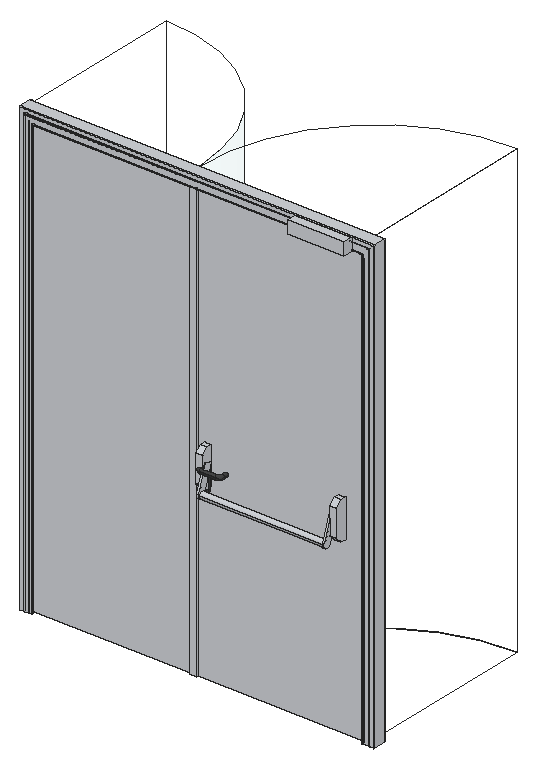
Revit family "Gamme Turia 2V EI 30-60 - Tunnel", category Portes, Revit 2022
Family settings
  Basée sur le plan de construction = Non
  Toujours verticalement = Oui
  Couper avec des vides une fois chargée = Non
  Partagée = Non
  Repère de localisation dans la pièce = Non
Parameters (values of type "Turia_2V - 1800 x 2400")
  Model = ""
  Rough Width = 0 mm
  Largeur Réservation = 1956 mm
  Width = 0 mm
  Rough Height = 0 mm
  Hauteur Réservation = 2478 mm
  Height = 0 mm
  Manufacturer = ""
  FP DC340 Bras - OP [instance] = yes
  Elévation par défaut = 0 mm
  Définir les propriétés thermiques par = Type schématique
  Côte_passage_libre_Hauteur = Hauteur Réservation - 78 mm  # 2400 mm
  Côte_passage_libre_90 = Largeur Réservation - 186 mm  # 1770 mm
  Côte_passage_libre_180 = Largeur Réservation - 146 mm  # 1810 mm
  Côte_ouverture_vantail_semi_fixe [instance] = Largeur Réservation - 1048 mm  # 908 mm
  Construction analytique = "<Aucun>"
  Béquille P1F - OP [instance] = yes
  Béquille P1F - CP [instance] = yes
  Barre Antipanique CROSS [instance] = yes
Types (8, lengths in mm): name | Model | Rough Width | Largeur Réservation | Rough Height | Hauteur Réservation | Manufacturer | Côte_passage_libre_Hauteur | Côte_passage_libre_90 | Côte_passage_libre_180 | Côte_ouverture_vantail_semi_fixe
  Turia_2V - 1800 x 2100 | "NEO" | 0 | 1956 | 0 | 2178 | "PORTEMETAL" | 2100 | 1770 | 1810 | 908
  Turia_2V - 1800 x 2400 | "" | 0 | 1956 | 0 | 2478 | "" | 2400 | 1770 | 1810 | 908
  Neo_2V - 2000*2200 | "NEO" | 2000 | 2000 | 2200 | 2200 | "PORTEMETAL" | 2122 | 1814 | 1854 | 952
  Turia_2V - 1600-2200 | "TURIA" | 1600 | 1600 | 2200 | 2200 | "PORTEMETAL" | 2122 | 1414 | 1454 | 552
  Neo_2V - 2000 x 2201 | "NEO" | 2146 | 2146 | 2178 | 2178 | "PORTEMETAL" | 2100 | 1960 | 2000 | 1098
  Turia_2V - 2146*2178 | "TURIA" | 2146 | 2146 | 2178 | 2178 | "PORTEMETAL" | 2100 | 1960 | 2000 | 1098
  Neo_2V - 2146*2178 | "PREMIUM NEO" | 2146 | 2146 | 2178 | 2178 | "PORTEMETAL" | 2100 | 1960 | 2000 | 1098
  Turia_2V - 1746*2178 | "PREMIUM TURIA" | 1746 | 1746 | 2178 | 2178 | "PORTEMETAL" | 2100 | 1560 | 1600 | 698
Reference planes
  plane 1 "Centre (avant/arrière)": y = 0
  plane 2: z = 0
  plane 3 "Centre (gauche/droite)": x = 0
  plane 4: x = -978
  plane 5: x = 978
  plane 6 "Hauteur Réservation": z = 2478
  plane 7 "Hauteur Vantail": z = 2414
  plane 8 "Niveau Bas du Vantail": z = 10
  plane 9 "Hauteur Aile de recouvrement": z = 2436
  plane 10 "Hauteur béquille": z = 1069
  plane 11 "Niveau Bas Paumelle du bas": z = 42
  plane 12 "Niveau Bas Paumelle du milieu": z = 991
  plane 13 "Niveau Bas paumelle du Haut": z = 1909
  plane 14 "Niveau haut surépaisseur EI120": z = 2394
  plane 15 "Niv haut aile de recouvrement": z = 2414
Forms (mm)
  Sweep 1, solid
    path origin (0, 0, 0) x (1, 0, 0) y (0, 0, 1)
      loop
        line (-978, 0) -> (-978, 2478) -> (978, 2478) -> (978, 0)
    profile origin (-978, 0, 1239) x (-1, 0, 0) y (0, -1, 0)
      loop
        arc (-5, 69.5) -> (-5.879, 71.621) -> (-8, 72.5) r 3
        line (-8, 72.5) -> (-30, 72.5)
        arc (-30, 72.5) -> (-32.121, 71.621) -> (-33, 69.5) r 3
        arc (-33, 69.5) -> (-33.879, 71.621) -> (-36, 72.5) r 3
        line (-36, 72.5) -> (-69.9, 72.5)
        arc (-69.9, 72.5) -> (-72.092, 71.592) -> (-73, 69.4) r 3.1
        line (-73, 69.4) -> (-73, 64.05)
        arc (-73, 64.05) -> (-71.45, 62.5) -> (-69.9, 64.05) r 1.55
        line (-69.9, 64.05) -> (-69.9, 69.4) -> (-54.5, 69.4)
        arc (-54.5, 69.4) -> (-53.439, 68.961) -> (-53, 67.9) r 1.5
        line (-53, 67.9) -> (-53, 46.622) -> (-50, 43.622) -> (-50, 22.379) -> (-53, 19.379) -> (-53, 6)
        arc (-53, 6) -> (-52.121, 3.879) -> (-50, 3) r 3
        line (-50, 3) -> (-36.74, 3) -> (-33.74, 0) -> (-8, 0)
        arc (-8, 0) -> (-5.879, 0.879) -> (-5, 3) r 3
        line (-5, 3) -> (-5, 69.5)
  Extrusion 2, solid
    sketch origin (0, 0, 0) x (1, 0, 0) y (0, 1, 0)
      loop
        line (-916, -63.106) -> (-40, -63.106) -> (-40, -72.106) -> (0, -72.106) -> (0, -66.106) -> (-21, -66.106) -> (-21, -2.506) -> (-916, -2.506) -> (-916, -63.106)
    from 10 to 2414
  Extrusion 3, solid
    sketch origin (0, 0, 0) x (1, 0, 0) y (0, 1, 0)
      loop
        line (-932.119, -2.5) -> (-21, -2.5) -> (-21, -0.106) -> (-932.119, -0.106)
        arc (-932.119, -0.106) -> (-933.316, -1.303) -> (-932.119, -2.5) r 1.197
    from 10 to 2436
  Extrusion 4, solid
    sketch origin (0, 0, 0) x (-1, 0, 0) y (0, -1, 0)
      loop
        line (-916, 63.106) -> (-916, 2.506) -> (0, 2.506) -> (0, -3.494) -> (40, -3.494) -> (40, 1.506) -> (15, 1.506) -> (15, 63.106) -> (-916, 63.106)
    from 10 to 2414
  Extrusion 5, solid
    sketch origin (0, 0, 2414) x (1, 0, 0) y (0, 1, 0)
      loop
        line (-15, -1.506) -> (-15, 0) -> (0, 0) -> (0, 3.494) -> (-40, 3.494) -> (-40, -1.506) -> (-15, -1.506)
    from 0 to 27.26
  Extrusion 6, solid, material "volume porte"
    sketch origin (0, 0, 2414) x (1, 0, 0) y (0, 1, 0)
      loop
        line (-42, -3) -> (928, -3) -> (928, 967)
        arc (928, 967) -> (242.106, 682.894) -> (-42, -3) r 970
    from -2414 to 59
  Extrusion 7, solid, material "volume porte"
    sketch origin (0, 0, 2414) x (-1, 0, 0) y (0, -1, 0)
      loop
        line (950, -905) -> (950, 3) -> (42, 3)
        arc (42, 3) -> (307.947, -639.053) -> (950, -905) r 908
    from -2414 to 59
Cuts and joins
  joined: Extrusion 4, Extrusion 5
Dimensions and locks
  "Largeur Réservation": plane 4 to plane 5
  "Hauteur Réservation": plane 6 "Hauteur Réservation" to level
  locked: plane 8 "Niveau Bas du Vantail" to level at 10
  locked: plane 6 "Hauteur Réservation" to plane 7 "Hauteur Vantail" at 64
  locked: plane 6 "Hauteur Réservation" to plane 9 "Hauteur Aile de recouvrement" at 42
  locked: plane 10 "Hauteur béquille" to level at 1069
  locked: plane 11 "Niveau Bas Paumelle du bas" to level at 42
  locked: plane 12 "Niveau Bas Paumelle du milieu" to level at 991
  locked: plane 13 "Niveau Bas paumelle du Haut" to level at 1909
  nested 3 to nested 2 = 0 mm
  locked: nested 3 to plane 4 at 23.993
  locked: nested 2 to plane 4 at 23.993
  locked: nested 1 to plane 4 at 23.993
  locked: nested 4 to plane 10 "Hauteur béquille" at 104
  locked: nested 5 to plane 6 "Hauteur Réservation" at 10
  locked: plane 14 "Niveau haut surépaisseur EI120" to plane 6 "Hauteur Réservation" at 84
  Extrusion 2 sketch curve to plane 3 "Centre (gauche/droite)" = 21 mm
  locked: Extrusion 4 to nested 6 at 65
  locked: Extrusion 4 to nested 7 at 65
  Extrusion 4 to nested 4 = 50 mm
  locked: nested 5 to Sweep 1 at 125
  locked: plane 15 "Niv haut aile de recouvrement" to plane 6 "Hauteur Réservation" at 64
  locked: nested 4 to Sweep 1 at 165.706
  locked: cut or joined group of Extrusion 4, Extrusion 5 to cut or joined group of Extrusion 4, Extrusion 5 at 60.6
  locked: plane 4 to Sweep 1 at 5
  locked: plane 4 to Extrusion 2 at 62
  locked: Sweep 1 to plane 5 at 5
  locked: cut or joined group of Extrusion 4, Extrusion 5 to plane 5 at 62
  locked: nested 3 to plane 6 "Hauteur Réservation" at 446
  locked: level to nested 1 at 165
  locked: plane 3 "Centre (gauche/droite)" to plane 5 at 978
  locked: Extrusion 6 to level
  locked: plane 6 "Hauteur Réservation" to Extrusion 6 at 5
  "Côte_ouverture_vantail_semi_fixe": Extrusion 7 sketch curve to Extrusion 7 sketch curve  (x2)
  aligned and locked: level to plane 2
  aligned and locked: plane 4 to Sweep 1 sketch curve
  aligned and locked: Sweep 1 sketch curve to plane 6 "Hauteur Réservation"
  aligned and locked: Sweep 1 sketch curve to plane 5
  aligned and locked: level to Sweep 1 sketch curve  (x2)
  aligned and locked: Extrusion 2 to plane 8 "Niveau Bas du Vantail"
  aligned and locked: plane 7 "Hauteur Vantail" to Extrusion 2
  aligned and locked: Extrusion 3 to plane 8 "Niveau Bas du Vantail"
  aligned and locked: plane 9 "Hauteur Aile de recouvrement" to Extrusion 3
  aligned and locked: nested 1 to Extrusion 2
  aligned and locked: Sweep 1 to nested 1
  aligned and locked: nested 1 to plane 11 "Niveau Bas Paumelle du bas"
  aligned and locked: nested 2 to plane 12 "Niveau Bas Paumelle du milieu"
  aligned and locked: nested 3 to plane 13 "Niveau Bas paumelle du Haut"
  aligned and locked: Sweep 1 to Extrusion 5
  aligned and locked: plane 7 "Hauteur Vantail" to cut or joined group of Extrusion 4, Extrusion 5
Automatic sketch dimensions
  plane 1 "Centre (avant/arrière)" to Sweep 1 sketch curve = 0 mm
  profile plane to Sweep 1 sketch curve = 73 mm
  Sweep 1 sketch curve to Sweep 1 sketch curve = 1.55 mm
  Sweep 1 sketch curve to Sweep 1 sketch curve = 0 mm  (x2)
  Sweep 1 sketch curve to Sweep 1 sketch curve = 15.4 mm
  plane 1 "Centre (avant/arrière)" to Sweep 1 sketch curve = 19.379 mm
  Sweep 1 sketch curve to Sweep 1 sketch curve = 16.9 mm
  Sweep 1 sketch curve to Sweep 1 sketch curve = 1.5 mm
  Sweep 1 sketch curve to Sweep 1 sketch curve = 3 mm  (x8)
  plane 1 "Centre (avant/arrière)" to Sweep 1 sketch curve = 3 mm  (x2)
  Sweep 1 sketch curve to Sweep 1 sketch curve = 13.26 mm
  Sweep 1 sketch curve to Sweep 1 sketch curve = 17 mm
  Sweep 1 sketch curve to Sweep 1 sketch curve = 6 mm
  profile plane to Sweep 1 sketch curve = 8 mm
  Sweep 1 sketch curve to Sweep 1 sketch curve = 21.243 mm
  Sweep 1 sketch curve to Sweep 1 sketch curve = 17.428 mm
  Sweep 1 sketch curve to Sweep 1 sketch curve = 3.85 mm
  Extrusion 2 sketch curve to plane 3 "Centre (gauche/droite)" = 0 mm
  Extrusion 2 sketch curve to Extrusion 2 sketch curve = 19 mm
  plane 4 to Extrusion 2 sketch curve = 62 mm
  plane 1 "Centre (avant/arrière)" to Extrusion 2 sketch curve = 72.106 mm
  Extrusion 2 sketch curve to Extrusion 2 sketch curve = 6 mm
  Extrusion 2 sketch curve to Extrusion 2 sketch curve = 9 mm
  plane 1 "Centre (avant/arrière)" to Extrusion 2 sketch curve = 2.506 mm
  plane 1 "Centre (avant/arrière)" to Extrusion 3 sketch curve = 0.106 mm
  plane 4 to Extrusion 3 sketch curve = 45.881 mm
  plane 1 "Centre (avant/arrière)" to Extrusion 3 sketch curve = 2.5 mm
  Extrusion 3 sketch curve to plane 3 "Centre (gauche/droite)" = 21 mm
  Extrusion 4 sketch curve to plane 3 "Centre (gauche/droite)" = 0 mm
  plane 5 to Extrusion 4 sketch curve = 62 mm
  plane 3 "Centre (gauche/droite)" to Extrusion 4 sketch curve = 15 mm
  Extrusion 4 sketch curve to plane 1 "Centre (avant/arrière)" = 1.506 mm
  Extrusion 4 sketch curve to Extrusion 4 sketch curve = 25 mm
  Extrusion 4 sketch curve to plane 1 "Centre (avant/arrière)" = 2.506 mm
  Extrusion 4 sketch curve to Extrusion 4 sketch curve = 60.6 mm
  plane 1 "Centre (avant/arrière)" to Extrusion 4 sketch curve = 3.494 mm
  plane 1 "Centre (avant/arrière)" to Extrusion 5 sketch curve = 0 mm
  Extrusion 5 sketch curve to plane 3 "Centre (gauche/droite)" = 0 mm
  Extrusion 5 sketch curve to Extrusion 5 sketch curve = 15 mm
  Extrusion 5 sketch curve to plane 1 "Centre (avant/arrière)" = 3.494 mm
  Extrusion 5 sketch curve to Extrusion 5 sketch curve = 25 mm
  plane 1 "Centre (avant/arrière)" to Extrusion 5 sketch curve = 1.506 mm
  plane 1 "Centre (avant/arrière)" to Extrusion 6 sketch curve = 3 mm
  Extrusion 6 sketch curve to plane 3 "Centre (gauche/droite)" = 42 mm
  Extrusion 6 sketch curve to plane 5 = 50 mm
  plane 1 "Centre (avant/arrière)" to Extrusion 7 sketch curve = 3 mm
  Extrusion 7 sketch curve to plane 3 "Centre (gauche/droite)" = 42 mm
Nested families
  nested 1: "Axe Paumelle Turia" at (-954.007, 12, 42), type "Axe Paumelle Turia"
  nested 2: "Axe Paumelle Turia" at (-954.007, 12, 991), type "Axe Paumelle Turia"
  nested 3: "Axe Paumelle Turia" at (-954.007, 12, 1909), type "Axe Paumelle Turia"
  nested 4: "Barre antipanique CROSS-bis" at (53, -63.106, 965), visible <- "Barre Antipanique CROSS", type "Barre antipanique CROSS-bis"
    with Longueur Tube/Barre 800 mm, Longeur tube 680 mm, Lg entre manoeuvre 680 mm, Lg Tube 680 mm
  nested 5: "Ferme-porte DC340 - Montage Opposé Paumelles" at (848, -63.106, 2399), visible <- "FP DC340 Bras - OP", type "Ferme-porte DC340 - Montage Opposé Paumelles"
  nested 6: "Béquille Nylon Premium" at (50, -0.106, 1023) x (-1, 0, 0) z (0, 0, 1), visible <- "Béquille P1F - CP", type "Béquille Nylon Premium"
    with Nylon noir Materiel Béquille Standard
  nested 7: "Béquille Nylon Premium" at (50, -73.106, 1023) x (-1, 0, 0) z (0, 0, 1), visible <- "Béquille P1F - OP", type "Béquille Nylon Premium"
    with Nylon noir Materiel Béquille Standard
Definition of nested family "Axe Paumelle Turia"
  Parameters
    Default Elevation = 0 mm
  Reference planes
    plane 1 "Centre (avant/arrière)": y = 0
    plane 2: z = 0
    plane 3 "Centre (gauche/droite)": x = 0
    plane 4 "Partie haute paumelle": z = 123
  Forms (mm)
    Extrusion 1, solid
      sketch origin (0, 0, 0) x (1, 0, 0) y (0, 1, 0)
        loop
          circle (0, 0) r 3
      from 0 to 123
    Extrusion 2, solid
      sketch origin (0, 0, 0) x (1, 0, 0) y (0, 1, 0)
        loop
          circle (0, 0) r 12
      from 0 to 6
    Extrusion 3, solid
      sketch origin (0, 0, 123) x (1, 0, 0) y (0, 1, 0)
        loop
          circle (0, 0) r 12
      from 0 to -6
    Extrusion 4, solid
      sketch origin (0, 0, 123) x (1, 0, 0) y (0, 1, 0)
        loop
          circle (0, 0) r 11.8
      from -6 to -9
    Extrusion 5, solid
      sketch origin (0, 0, 0) x (1, 0, 0) y (0, 1, 0)
        loop
          circle (0, 0) r 11.8
      from 6 to 9
    Extrusion 6, solid
      sketch origin (0, 0, 0) x (1, 0, 0) y (0, 1, 0)
        loop
          line (-12, 0) -> (-12, -13) -> (12, -13) -> (12, 0)
          arc (12, 0) -> (0, 12) -> (-12, 0) r 12
      from 9 to 11.5
    Extrusion 7, solid
      sketch origin (0, 0, 123) x (1, 0, 0) y (0, 1, 0)
        loop
          line (-12, 0) -> (-12, -15) -> (12, -15) -> (12, 0)
          arc (12, 0) -> (0, 12) -> (-12, 0) r 12
      from -11.5 to -9
    Extrusion 8, solid, not visible
      sketch origin (102.985, -75.376, 315) x (1, 0, 0) y (0, 1, 0)
        loop
          line (-81.011, 40.849) -> (-78.011, 40.849) -> (-78.011, 78.446)
          arc (-78.011, 78.446) -> (-79.305, 81.57) -> (-82.43, 82.865) r 4.419
          line (-82.43, 82.865) -> (-102.174, 82.865)
          arc (-102.174, 82.865) -> (-103.478, 83.405) -> (-104.018, 84.708) r 1.844
          line (-104.018, 84.708) -> (-104.018, 98.199)
          arc (-104.018, 98.199) -> (-127.294, 102.006) -> (-106.998, 89.992) r 12
          line (-106.998, 89.992) -> (-106.998, 84.381)
          arc (-106.998, 84.381) -> (-105.427, 81.088) -> (-102.033, 79.751) r 4.977
          line (-102.033, 79.751) -> (-82.033, 79.751)
          arc (-82.033, 79.751) -> (-81.31, 79.452) -> (-81.011, 78.729) r 1.022
          line (-81.011, 78.729) -> (-81.011, 40.849)
      from 0 to 100
    Extrusion 9, solid
      sketch origin (116.018, -97.865, 11.5) x (1, 0, 0) y (0, 1, 0)
        loop
          line (-81.011, 40.849) -> (-78.011, 40.849) -> (-78.011, 78.446)
          arc (-78.011, 78.446) -> (-79.305, 81.57) -> (-82.43, 82.865) r 4.419
          line (-82.43, 82.865) -> (-102.174, 82.865)
          arc (-102.174, 82.865) -> (-103.478, 83.405) -> (-104.018, 84.708) r 1.844
          line (-104.018, 84.708) -> (-104.018, 98.199)
          arc (-104.018, 98.199) -> (-127.294, 102.006) -> (-106.998, 89.992) r 12
          line (-106.998, 89.992) -> (-106.998, 84.381)
          arc (-106.998, 84.381) -> (-105.427, 81.088) -> (-102.033, 79.751) r 4.977
          line (-102.033, 79.751) -> (-82.033, 79.751)
          arc (-82.033, 79.751) -> (-81.31, 79.452) -> (-81.011, 78.729) r 1.022
          line (-81.011, 78.729) -> (-81.011, 40.849)
      from 0 to 100
  Dimensions and locks
    aligned and locked: level to plane 2
    aligned and locked: Extrusion 9 to Extrusion 7  (x2)
Definition of nested family "Barre antipanique CROSS-bis"
  Parameters (values of type "Barre antipanique CROSS-bis")
    Longueur barre = Largeur entre manoeuvre - 20 mm  # 680 mm
    Longueur Tube/Barre [instance] = 800 mm
    Longeur tube [instance] = 680 mm
    Lg entre manoeuvre [instance] = 680 mm
    Lg Tube [instance] = Lg entre manoeuvre  # 680 mm
    Largeur entre manoeuvre = 700 mm
    Default Elevation = 0 mm
  Reference planes
    plane 1 "Centre (avant/arrière)": y = 0
    plane 2: z = 0
    plane 3 "Centre (gauche/droite)": x = 0
    plane 4 "Plan manoeuvre BAP": x = -18
    plane 5 "Plan Bras Manoeuvre": x = 18
    plane 6 "Plan Barre BAP": x = 28
  Forms (mm)
    Extrusion 1, solid
      sketch origin (-18, 0, 0) x (0, 1, 0) y (0, 0, 1)
        loop
          line (0, 0) -> (30, 0) -> (60, 30) -> (60, 178) -> (30, 208) -> (0, 208) -> (0, 0)
      from 0 to 36
    Extrusion 2, solid
      sketch origin (-18, 0, 0) x (0, 1, 0) y (0, 0, 1)
        loop
          line (0, 0) -> (30, 0) -> (60, 30) -> (60, 178) -> (30, 208) -> (0, 208) -> (0, 0)
      from 736 to 772.294
    Extrusion 3, solid
      sketch origin (18, 0, 0) x (0, -1, 0) y (0, 0, 1)
        loop
          arc (-99.794, 6.84) -> (-87.84, -18.794) -> (-62.206, -6.84) r 20
          line (-62.206, -6.84) -> (-12.613, 129.415) -> (-50.201, 143.096) -> (-99.794, 6.84)
      from 0 to -10
    Extrusion 4, solid
      sketch origin (708, 0, 0) x (0, 1, 0) y (0, 0, 1)
        loop
          line (12.613, 129.415) -> (62.206, -6.84)
          arc (62.206, -6.84) -> (87.84, -18.794) -> (99.794, 6.84) r 20
          line (99.794, 6.84) -> (50.201, 143.096) -> (12.613, 129.415)
      from 0 to 10
    Sweep 5, solid
      path origin (0, 0, 0) x (1, 0, 0) y (0, 1, 0)
        loop
          line (28, 81) -> (708, 81)
      profile origin (368, 81, 0) x (0, 1, 0) y (0, 0, 1)
        loop
          circle (0, 0) r 17.5
  Dimensions and locks
    locked: Extrusion 1 sketch curve to Extrusion 1 sketch curve at 60
    locked: Extrusion 1 sketch curve to Extrusion 1 sketch curve at 208
    plane 1 "Centre (avant/arrière)" to Extrusion 1 sketch curve = 0 mm
    locked: Extrusion 1 sketch curve to Extrusion 1 sketch curve at 30  (x2)
    locked: plane 4 "Plan manoeuvre BAP" to plane 3 "Centre (gauche/droite)" at 18
    locked: Extrusion 2 sketch curve to Extrusion 1 at 30
    locked: Extrusion 1 to Extrusion 2 sketch curve at 30
    Extrusion 1 to Extrusion 2 sketch curve = 30 mm
    locked: Extrusion 2 to Extrusion 2 at 36.294
    locked: plane 4 "Plan manoeuvre BAP" to plane 5 "Plan Bras Manoeuvre" at 36
    plane 1 "Centre (avant/arrière)" to Extrusion 3 sketch curve = 81 mm
    Extrusion 3 sketch curve to Extrusion 2 = 0 mm
    locked: Extrusion 3 sketch curve to Extrusion 3 sketch curve at 165
    locked: Extrusion 3 sketch curve to Extrusion 3 sketch curve at 40
    plane 1 "Centre (avant/arrière)" to Extrusion 4 sketch curve = 81 mm
    level to Extrusion 4 sketch curve = 0 mm
    locked: plane 5 "Plan Bras Manoeuvre" to plane 6 "Plan Barre BAP" at 10
    "Longueur barre": Sweep 5 sketch curve to Sweep 5 sketch curve
    plane 1 "Centre (avant/arrière)" to Sweep 5 sketch curve = 81 mm
    locked: Sweep 5 sketch curve to level
    locked: plane 1 "Centre (avant/arrière)" to Sweep 5 sketch curve at 81
    locked: Extrusion 1 to Extrusion 3
    locked: Extrusion 4 to Extrusion 2 at 10
    locked: Extrusion 1 to Extrusion 3 at 10
    locked: Sweep 5 to Extrusion 3
    Sweep 5 sketch curve to plane 6 "Plan Barre BAP" = 0 mm
    locked: Extrusion 1 to Extrusion 1 at 36
    locked: Extrusion 1 to plane 4 "Plan manoeuvre BAP"
    locked: plane 6 "Plan Barre BAP" to Sweep 5
    Extrusion 3 to Extrusion 4 = 680 mm
    locked: Extrusion 4 to Extrusion 2
    locked: Extrusion 4 to Sweep 5
    aligned and locked: level to plane 2
  Automatic sketch dimensions
    Extrusion 1 sketch curve to level = 0 mm
    level to Extrusion 1 sketch curve = 30 mm
    Extrusion 1 sketch curve to Extrusion 1 sketch curve = 30 mm
    Extrusion 2 sketch curve to level = 0 mm
    Extrusion 2 sketch curve to plane 1 "Centre (avant/arrière)" = 0 mm
    Extrusion 2 sketch curve to Extrusion 2 sketch curve = 30 mm  (x3)
    Extrusion 3 sketch curve to plane 1 "Centre (avant/arrière)" = 12.613 mm
    level to Extrusion 3 sketch curve = 6.84 mm
    Extrusion 3 sketch curve to level = 6.84 mm
    Extrusion 4 sketch curve to plane 1 "Centre (avant/arrière)" = 12.613 mm
    Extrusion 4 sketch curve to Extrusion 4 sketch curve = 13.681 mm
    Extrusion 4 sketch curve to level = 6.84 mm
    level to Extrusion 4 sketch curve = 6.84 mm
    radius of Extrusion 4 sketch curve = 20 mm
    radius of Sweep 5 sketch curve = 17.5 mm
Definition of nested family "Ferme-porte DC340 - Montage Opposé Paumelles"
  Parameters
    Default Elevation = 0 mm
  Reference planes
    plane 1 "Centre (avant/arrière)": y = 0
    plane 2: z = 0
    plane 3 "Centre (gauche/droite)": x = 0
    plane 4 "Niveau Haut du corps": z = 69
    plane 5 "Niveau bas du rail": z = 82
  Forms (mm)
    Extrusion 1, solid
      sketch origin (0, 0, 0) x (1, 0, 0) y (0, 1, 0)
        loop
          line (0, -63) -> (0, 0) -> (-308, 0) -> (-308, -63) -> (0, -63)
      from 0 to 69
  Dimensions and locks
    locked: Extrusion 1 sketch curve to Extrusion 1 sketch curve at 308
    locked: Extrusion 1 sketch curve to Extrusion 1 sketch curve at 63
    locked: plane 4 "Niveau Haut du corps" to plane 2 at 69
    locked: plane 5 "Niveau bas du rail" to level at 82
    locked: Extrusion 1 sketch curve to plane 1 "Centre (avant/arrière)"
    aligned and locked: level to plane 2
    aligned and locked: Extrusion 1 sketch curve to plane 3 "Centre (gauche/droite)"
Definition of nested family "Béquille Nylon Premium"
  Parameters (values of type "Béquille Nylon Premium")
    Nylon noir [instance] = none
    Default Elevation = 0 mm
  Reference planes
    plane 1 "Centre (avant/arrière)": y = 0
    plane 2: z = 0
    plane 3 "Centre (gauche/droite)": x = 0
  Forms (mm)
    Extrusion 1, solid, material <- "Nylon noir"
      sketch origin (0, 0, 0) x (1, 0, 0) y (0, 0, 1)
        loop
          line (-23, 66) -> (-23, -66)
          arc (-23, -66) -> (0, -89) -> (23, -66) r 23
          line (23, -66) -> (23, 66)
          arc (23, 66) -> (0, 89) -> (-23, 66) r 23
      from 0 to 9
    Extrusion 2, void
      sketch origin (0, 0, 0) x (1, 0, 0) y (0, 0, 1)
        loop
          line (5.5, -46) -> (5.5, -33.124)
          arc (5.5, -33.124) -> (0, -17) -> (-5.5, -33.124) r 9
          line (-5.5, -33.124) -> (-5.5, -46)
          arc (-5.5, -46) -> (0, -51.5) -> (5.5, -46) r 5.5
      from -4.814 to 18.923
    Sweep 3, solid, material <- "Nylon noir"
      path origin (0, 0, 0) x (1, 0, 0) y (0, 1, 0)
        loop
          line (0, -9) -> (0, -38)
          arc (0, -38) -> (-4.686, -49.314) -> (-16, -54) r 16
          line (-16, -54) -> (-104, -54)
          arc (-104, -54) -> (-115.314, -49.314) -> (-120, -38) r 16
          line (-120, -38) -> (-120, -15.013)
      profile origin (0, -23.5, 0) x (1, 0, 0) y (0, 0, 1)
        loop
          circle (0, 46) r 11
  Cuts and joins
    Extrusion 2 cuts Extrusion 1
  Dimensions and locks
    locked: plane 3 "Centre (gauche/droite)" to Extrusion 1 sketch curve at 23
    Extrusion 1 sketch curve to plane 3 "Centre (gauche/droite)" = 23 mm
    locked: Sweep 3 sketch curve to cut or joined group of Extrusion 1, Extrusion 2 at 45
    locked: Sweep 3 sketch curve to Sweep 3 sketch curve at 120
    Sweep 3 sketch curve to Sweep 3 sketch curve = 16 mm  (x4)
    locked: Sweep 3 sketch curve to cut or joined group of Extrusion 1, Extrusion 2
    Sweep 3 sketch curve to Sweep 3 sketch curve = 38.987 mm
    locked: level to Sweep 3 at 46
    locked: cut or joined group of Extrusion 1, Extrusion 2 to level at 46
    aligned and locked: level to plane 2
